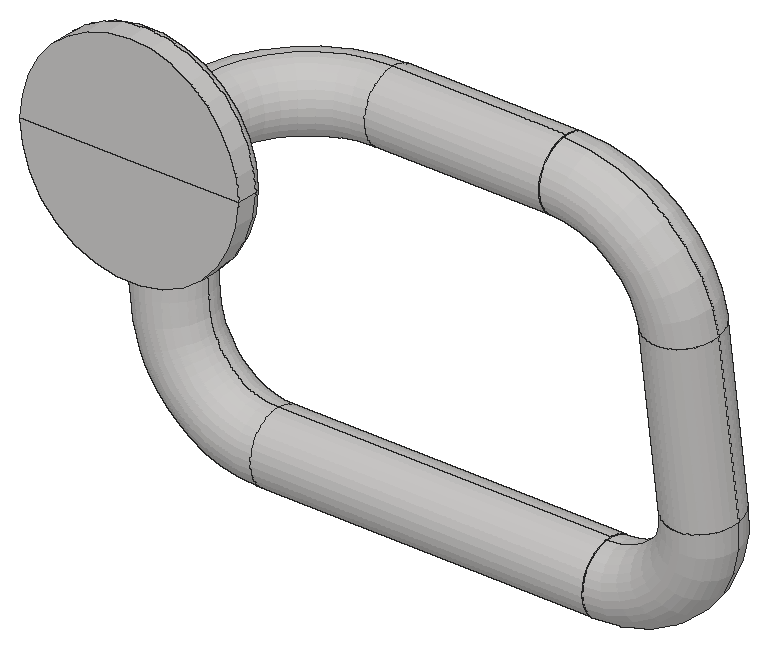
Revit family
Parameters (values of type "Type 1")
  WarrantyDurationUnit = "10 years"
  WarrantyDescription = "Any manufacturing defect"
  Version = "v1"
  URL = "http://www.delabie.com"
  Type Comments = "Toilet roll holder"
  SerialNumber = "3456330028981"
  ProductInformation = "http://www.delabie.com/products/4081p"
  NominalWidth = 82 mm
  NominalLength = 175 mm
  NominalHeight = 130 mm
  Name = "U-shaped toilet roll holder"
  ModelNumber = "4081P"
  Model = "U-shaped toilet roll holder"
  Material = Stainless steel
  ManufacturerURL = "http://www.delabie.com"
  ManufacturerName = "DELABIE"
  Manufacturer = "DELABIE"
  IntegralAccessoryOptions = "Toilet brush set"
  Finish = Bright polished
  Features  = "U-shaped toilet roll holder, with spindle.\r\nTube Ø 20mm, 1mm thick.\r\nConcealed fixings.\r\nBright polished stainless steel finish."
  Description = "French manufacturer Delabie is a leader in the European sanitary ware market for non-domestic places. Water controls, solutions for disabled people, sanitary ware, for schools, leisure centres, offices, hospitals, airports…"
  Category = "WC accessories"
  Assembly Code = ""
Reference planes
  plane 1: y = 0
  plane 2 "Center (Left/Right)": x = 125
  plane 3 "Back": y = 75
  plane 4: y = 75
Text (mm)
  text "Placement side" at (-1787.139, 592.35, 0), in view "Ref. Level"
  text "Placement side" at (0, 1827.695, 2917.686), in view "Left"
  text "Placement side" at (0, 562.268, 3853.606), in view "Right"
Dimensions and locks
  locked: plane 3 "Back" to host wall at 0
  locked: plane 3 "Back" to plane 4 at 0
  aligned and locked: host wall to plane 1
  aligned and locked: plane 4 to nested 1
Nested families
  nested 1: "4081Pb" at (125, 75, 225.712), type "4081Pb"
Definition of nested family "4081Pb"
  Parameters (values of type "4081Pb")
    URL = ""
    Type Comments = ""
    Technologie = ""
    Radius = 30 mm
    Raccordement = ""
    Profondeur = ""
    Model = ""
    Material 4 = none
    Material 3 = none
    Material 2 = none
    Material 1 = Inox 304 poli brillant
    Manufacturer = ""
    Lien notice d'installation = ""
    Lien fiche produit = ""
    Lien certification = ""
    Lien CCTP = ""
    Largeur = ""
    Hauteur = ""
    Finition = ""
    Famille de produits = ""
    Débit = ""
    Butée de température = ""
    Assembly Code = ""
    Alimentation = ""
  Reference planes
    plane 1 "Center (Front/Back)": y = 0
    plane 2: z = 0
    plane 3 "Center (Left/Right)": x = 0
    plane 4: z = 180.746
  Forms (mm)
    Revolve 1, solid, material "Inox 304 poli brillant" <- "Material 1"
      sketch origin (-12.945, -10.837, 295.28) x (0, 1, 0) y (-1, 0, 0)
        loop
          line (10.837, 26.027) -> (19.337, 26.027) -> (19.337, 54.727)
          arc (19.337, 54.727) -> (18.605, 56.495) -> (16.837, 57.227) r 2.5
          line (16.837, 57.227) -> (10.837, 57.227) -> (10.837, 26.027)
        axis (10.837, 26.027) -> (19.337, 26.027)
      angle from 0 to 360
    Sweep 2, solid, material "Inox 304 poli brillant" <- "Material 1"
      path origin (-12.945, -10.837, 250.871) x (0, 1, 0) y (-1, 0, 0)
        loop
          line (67.137, -53.973) -> (67.137, -3.973)
          arc (67.137, -3.973) -> (58.351, 17.241) -> (37.137, 26.027) r 30
          line (37.137, 26.027) -> (19.337, 26.027)
      profile origin (16.027, 56.3, 250.871) x (0, -1, 0) y (0, 0, 1)
        loop
          circle (0, 44.409) r 10
    Sweep 3, solid, material "Inox 304 poli brillant" <- "Material 1"
      path origin (-202.945, 62.454, 251.487) x (-1, 0, 0) y (0, -0.139173, 0.990268)
        loop
          arc (-243.973, 44.312) -> (-265.186, 35.525) -> (-273.973, 14.312) r 30
          line (-273.973, 14.312) -> (-273.973, -36.788)
          arc (-273.973, -36.788) -> (-265.186, -58.001) -> (-243.973, -66.788) r 30
      profile origin (71.027, 64.018, 240.359) x (-1, 0, 0) y (0, 0.990268, 0.139173)
        loop
          circle (0, 0) r 10
    Revolve 4, solid, material "Inox 304 poli brillant" <- "Material 1"
      sketch origin (-202.945, 71.83, 252.137) x (-1, 0, 0) y (0, 0, 1)
        loop
          line (-118.973, -26.788) -> (-108.973, -26.788) -> (-118.973, -24.788) -> (-118.973, -26.788)
        axis (-118.973, -26.788) -> (-118.973, -24.788)
      angle from 0 to 360
    Sweep 5, solid, material "Inox 304 poli brillant" <- "Material 1"
      path origin (-202.945, 71.83, 252.137) x (-1, 0, 0) y (0, 0, 1)
        loop
          line (-243.973, -66.788) -> (-148.973, -66.788)
          spline (-148.973, -66.788) -> (-143.027, -66.244) -> (-137.884, -64.744) -> (-133.491, -62.488) -> (-129.8, -59.673) -> (-126.758, -56.499) -> (-124.316, -53.164) -> (-122.421, -49.795) -> (-121.012, -46.264) -> (-120.025, -42.384) -> (-119.398, -37.969) -> (-119.069, -32.833) -> (-118.973, -26.788)
      profile origin (-6.473, 71.83, 185.35) x (0, 0, 1) y (0, 1, 0)
        loop
          circle (0, 0) r 10
